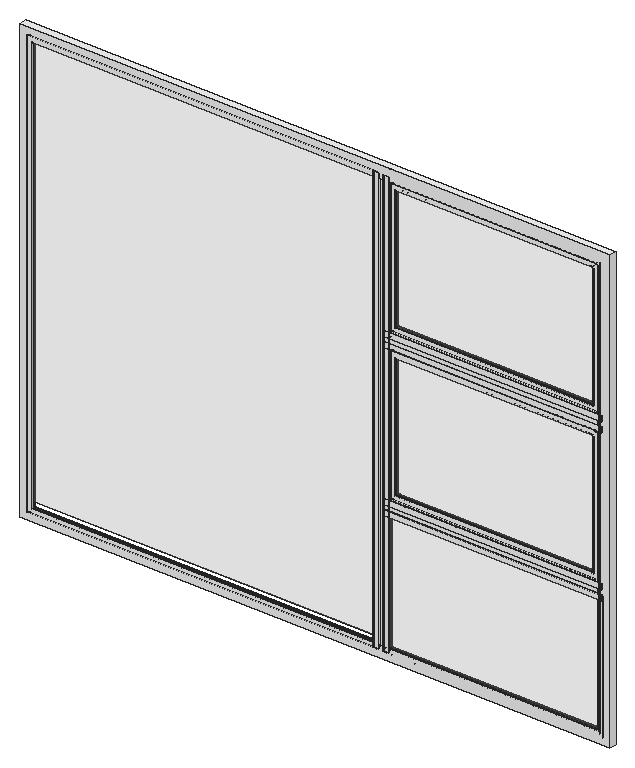
Revit family
Parameters (values of type "TH-PTT2418")
  Height = 1790 mm
  Head Height = 2125 mm
  Default Sill Height = Head Height - Height  # 335 mm
  Wall Closure = (empty or 0)
  Width = 2390 mm
Types (7, lengths in mm): name | Height | Default Sill Height | Width
  (no name) | 1790 | 335 | 2390
  TH-PTT2415 | 1490 | 635 | 2390
  TH-PTT1815 | 1490 | 635 | 1790
  TH-PTT2115 | 1490 | 635 | 2090
  TH-PTT2418 | 1790 | 335 | 2390
  TH-PTT2118 | 1790 | 335 | 2090
  TH-PTT1818 | 1790 | 335 | 1790
Reference planes
  plane 1 "Center (Front/Back)": y = 0
  plane 2 "Center (Left/Right)": x = 0
  plane 3 "Left": x = -1195
  plane 4 "Right": x = 1195
  plane 5 "Sill": z = 335
  plane 6 "Head": z = 2125
  plane 7 "Exterior": y = 100
  plane 8 "Interior": y = -100
  plane 9: y = -30.5
  plane 10: x = 300
  plane 11: z = 1530
  plane 12: z = 968.16
Forms (mm)
  Sweep 1, solid, material "Default Frame"
    path origin (0, 100, 0) x (1, 0, 0) y (0, 0, 1)
      loop
        line (1195, 2125) -> (-1195, 2125) -> (-1195, 335) -> (1195, 335) -> (1195, 2125)
    profile origin (0, 100, 2125) x (0, 0, -1) y (0, -1, 0)
      loop
        line (0, 115.25) -> (0, 84.75) -> (30.58, 84.75) -> (30.58, 87.464) -> (28.08, 86.021) -> (28.08, 113.85) -> (39.575, 113.85) -> (39.575, 111.85) -> (46.275, 111.85)
        arc (46.275, 111.85) -> (46.875, 111.25) -> (47.475, 111.85) r 0.6
        line (47.475, 111.85) -> (47.475, 115.25) -> (0, 115.25)
  Extrusion 2, solid, material "Glass"
    sketch origin (-67.308, -3.5, 0) x (1, 0, 0) y (0, 0, 1)
      loop
        line (318.588, 2091.8) -> (-1094.452, 2091.8) -> (-1094.452, 401.4) -> (318.588, 401.4) -> (318.588, 2091.8)
    from 0 to 3
  Sweep 3, solid, material "Default Frame"
    path origin (-95.36, -108, -50) x (1, 0, 0) y (0, 0, -1)
      loop
        line (375.24, -2170.4) -> (375.24, -389.6) -> (-1095, -389.6) -> (-1095, -2170.4) -> (375.24, -2170.4)
    profile origin (-455.24, -108, 2120.4) x (0, 0, 1) y (0, 1, 0)
      loop
        line (-25.08, 99.735) -> (-24.578, 94.997)
        arc (-24.578, 94.997) -> (-24.261, 94.736) -> (-23.98, 95.035) r 0.3
        line (-23.98, 95.035) -> (-23.98, 121.263) -> (-25.98, 120.536) -> (-25.98, 122.735) -> (-27.439, 122.735) -> (-40.407, 109.637) -> (-40.407, 108.637) -> (-28.6, 108.637) -> (-28.6, 109.637) -> (-25.08, 109.637) -> (-25.08, 99.735)
  Sweep 4, solid, material "Rubber seal"
    path origin (-95.36, -108, -50) x (1, 0, 0) y (0, 0, -1)
      loop
        line (375.24, -2170.4) -> (375.24, -389.6) -> (-1095, -389.6) -> (-1095, -2170.4) -> (375.24, -2170.4)
    profile origin (-455.24, -108, 2120.4) x (0, 0, 1) y (0, 1, 0)
      loop
        line (-41.398, 108.637) -> (-45.535, 104.5) -> (-35.029, 104.5) -> (-35.029, 108.637) -> (-41.398, 108.637)
      loop
        line (-45.535, 101.5) -> (-42.255, 96.75) -> (-35.029, 96.75) -> (-35.029, 101.5) -> (-45.535, 101.5)
  Extrusion 5, solid, material "Glass"
    sketch origin (0, 0.5, 49.432) x (-1, 0, 0) y (0, 0, -1)
      loop
        line (-307.14, -2019.688) -> (-307.14, -1489.208) -> (-1139.12, -1489.208) -> (-1139.12, -2019.688) -> (-307.14, -2019.688)
    from 0 to 3
  Sweep 6, solid, material "Default Frame"
    path origin (50, -100, -50) x (-1, 0, 0) y (0, 0, 1)
      loop
        line (-251.26, 2125) -> (-1095, 2125) -> (-1095, 1582.76) -> (-251.26, 1582.76) -> (-251.26, 2125)
    profile origin (723.13, -100, 2075) x (0, 0, -1) y (0, 1, 0)
      loop
        line (2.36, 95.735) -> (2.36, 105.637) -> (5.88, 105.637) -> (5.88, 104.637) -> (17.687, 104.637) -> (17.687, 105.637) -> (4.719, 118.735) -> (3.26, 118.735) -> (3.26, 116.536) -> (1.26, 117.263) -> (1.26, 91.035)
        arc (1.26, 91.035) -> (1.541, 90.736) -> (1.858, 90.997) r 0.3
        line (1.858, 90.997) -> (2.36, 95.735)
  Sweep 7, solid, material "Default Frame"
    path origin (50, -100, -50) x (-1, 0, 0) y (0, 0, 1)
      loop
        line (-251.3, 2125) -> (-1095, 2125) -> (-1095, 1582.8) -> (-251.3, 1582.8) -> (-251.3, 2125)
    profile origin (723.15, -100, 2075) x (0, 0, -1) y (0, 1, 0)
      loop
        line (-10.425, 88.75) -> (20.155, 88.75) -> (20.155, 92.15)
        arc (20.155, 92.15) -> (19.555, 92.75) -> (18.955, 92.15) r 0.6
        line (18.955, 92.15) -> (12.255, 92.15) -> (12.255, 90.15) -> (0.76, 90.15) -> (0.76, 117.979) -> (3.26, 116.536) -> (3.26, 119.25) -> (-27.32, 119.25) -> (-27.32, 115.85)
        arc (-27.32, 115.85) -> (-26.72, 115.25) -> (-26.12, 115.85) r 0.6
        line (-26.12, 115.85) -> (-19.42, 115.85) -> (-19.42, 117.85) -> (-7.92, 117.85) -> (-7.92, 90.018) -> (-10.425, 91.464) -> (-10.425, 88.75)
  Sweep 8, solid, material "Rubber seal"
    path origin (50, -100, -50) x (-1, 0, 0) y (0, 0, 1)
      loop
        line (-251.26, 2125) -> (-1095, 2125) -> (-1095, 1582.76) -> (-251.26, 1582.76) -> (-251.26, 2125)
    profile origin (723.13, -100, 2075) x (0, 0, -1) y (0, 1, 0)
      loop
        line (18.698, 104.637) -> (12.329, 104.637) -> (12.329, 100.5) -> (22.835, 100.5) -> (18.698, 104.637)
      loop
        line (22.835, 97.5) -> (12.329, 97.5) -> (12.329, 92.75) -> (19.555, 92.75) -> (22.835, 97.5)
  Extrusion 9, solid, material "Glass"
    sketch origin (0, 0.5, -559.608) x (-1, 0, 0) y (0, 0, -1)
      loop
        line (-307.14, -2019.688) -> (-307.14, -1489.208) -> (-1139.12, -1489.208) -> (-1139.12, -2019.688) -> (-307.14, -2019.688)
    from 0 to 3
  Extrusion 10, solid, material "Glass"
    sketch origin (0, -3.505, -939.266) x (-1, 0, 0) y (0, 0, -1)
      loop
        line (-284.52, -1812.966) -> (-284.52, -1307.466) -> (-1161.8, -1307.466) -> (-1161.8, -1812.966) -> (-284.52, -1812.966)
    from 0 to 3
  Sweep 11, solid, material "Default Frame"
    path origin (71.04, -108.005, -978.24) x (-1, 0, 0) y (0, 0, 1)
      loop
        line (-163.84, 1901.58) -> (-1140.4, 1901.58) -> (-1140.4, 1296.8) -> (-163.84, 1296.8) -> (-163.84, 1901.58)
    profile origin (723.16, -108.005, 923.34) x (0, 0, -1) y (0, 1, 0)
      loop
        line (46.12, 99.74) -> (46.12, 109.642) -> (49.64, 109.642) -> (49.64, 108.642) -> (61.447, 108.642) -> (61.447, 109.642) -> (48.479, 122.74) -> (47.02, 122.74) -> (47.02, 120.541) -> (45.02, 121.269) -> (45.02, 95.04)
        arc (45.02, 95.04) -> (45.301, 94.741) -> (45.618, 95.003) r 0.3
        line (45.618, 95.003) -> (46.12, 99.74)
  Sweep 12, solid, material "Rubber seal"
    path origin (71.04, -108.01, -978.001) x (-1, 0, 0) y (0, 0, 1)
      loop
        line (-163.84, 1901.341) -> (-1140.4, 1901.341) -> (-1140.4, 1296.8) -> (-163.84, 1296.8) -> (-163.84, 1901.341)
    profile origin (723.16, -108.01, 923.34) x (0, 0, -1) y (0, 1, 0)
      loop
        line (62.141, 108.642) -> (55.771, 108.642) -> (55.771, 104.505) -> (66.278, 104.505) -> (62.141, 108.642)
      loop
        line (66.278, 101.505) -> (55.771, 101.505) -> (55.771, 96.755) -> (62.998, 96.755) -> (66.278, 101.505)
  Sweep 13, solid, material "Default Frame"
    path origin (10.487, 100, -612.47) x (1, 0, 0) y (0, 0, 1)
      loop
        line (1153.933, 2136.85) -> (271.393, 2136.85)
    profile origin (723.15, 100, 1524.38) x (0, 0, -1) y (0, -1, 0)
      loop
        line (-5.9, 115.25) -> (-5.9, 111.85)
        arc (-5.9, 111.85) -> (-5.3, 111.25) -> (-4.7, 111.85) r 0.6
        line (-4.7, 111.85) -> (2, 111.85) -> (2, 113.85) -> (13.5, 113.85) -> (13.5, 86.026) -> (11, 87.47) -> (11, 84.75) -> (39, 84.75) -> (39, 87.47) -> (36.5, 86.026) -> (36.5, 113.85) -> (48, 113.85) -> (48, 111.85) -> (54.7, 111.85)
        arc (54.7, 111.85) -> (55.3, 111.25) -> (55.9, 111.85) r 0.6
        line (55.9, 111.85) -> (55.9, 115.25) -> (34.5, 115.25) -> (34.5, 111.07) -> (15.5, 111.07) -> (15.5, 115.25) -> (-5.9, 115.25)
  Sweep 14, solid, material "Default Frame"
    path origin (-2030.62, 100, 1819.513) x (0, 0, -1) y (1, 0, 0)
      loop
        line (1453.933, 2325) -> (-274.907, 2325)
    profile origin (294.38, 100, 1230) x (-1, 0, 0) y (0, -1, 0)
      loop
        line (-4.4, 115.25) -> (-4.4, 111.85)
        arc (-4.4, 111.85) -> (-3.8, 111.25) -> (-3.2, 111.85) r 0.6
        line (-3.2, 111.85) -> (3.5, 111.85) -> (3.5, 113.85) -> (15, 113.85) -> (15, 86.026) -> (12.5, 87.47) -> (12.5, 84.75) -> (40.5, 84.75) -> (40.5, 87.47) -> (38, 86.026) -> (38, 113.85) -> (49.5, 113.85) -> (49.5, 111.85) -> (56.2, 111.85)
        arc (56.2, 111.85) -> (56.8, 111.25) -> (57.4, 111.85) r 0.6
        line (57.4, 111.85) -> (57.4, 115.25) -> (36, 115.25) -> (36, 111.07) -> (17, 111.07) -> (17, 115.25) -> (-4.4, 115.25)
  Sweep 15, solid, material "Default Frame"
    path origin (50, -100, -659.04) x (-1, 0, 0) y (0, 0, 1)
      loop
        line (-251.26, 2125) -> (-1095, 2125) -> (-1095, 1582.76) -> (-251.26, 1582.76) -> (-251.26, 2125)
    profile origin (723.13, -100, 1465.96) x (0, 0, -1) y (0, 1, 0)
      loop
        line (2.36, 95.735) -> (2.36, 105.637) -> (5.88, 105.637) -> (5.88, 104.637) -> (17.687, 104.637) -> (17.687, 105.637) -> (4.719, 118.735) -> (3.26, 118.735) -> (3.26, 116.536) -> (1.26, 117.263) -> (1.26, 91.035)
        arc (1.26, 91.035) -> (1.541, 90.736) -> (1.858, 90.997) r 0.3
        line (1.858, 90.997) -> (2.36, 95.735)
  Sweep 16, solid, material "Default Frame"
    path origin (50, -100, -659.04) x (-1, 0, 0) y (0, 0, 1)
      loop
        line (-251.3, 2125) -> (-1095, 2125) -> (-1095, 1582.8) -> (-251.3, 1582.8) -> (-251.3, 2125)
    profile origin (723.15, -100, 1465.96) x (0, 0, -1) y (0, 1, 0)
      loop
        line (-10.425, 88.75) -> (20.155, 88.75) -> (20.155, 92.15)
        arc (20.155, 92.15) -> (19.555, 92.75) -> (18.955, 92.15) r 0.6
        line (18.955, 92.15) -> (12.255, 92.15) -> (12.255, 90.15) -> (0.76, 90.15) -> (0.76, 117.979) -> (3.26, 116.536) -> (3.26, 119.25) -> (-27.32, 119.25) -> (-27.32, 115.85)
        arc (-27.32, 115.85) -> (-26.72, 115.25) -> (-26.12, 115.85) r 0.6
        line (-26.12, 115.85) -> (-19.42, 115.85) -> (-19.42, 117.85) -> (-7.92, 117.85) -> (-7.92, 90.018) -> (-10.425, 91.464) -> (-10.425, 88.75)
  Sweep 17, solid, material "Rubber seal"
    path origin (50, -100, -659.04) x (-1, 0, 0) y (0, 0, 1)
      loop
        line (-251.26, 2125) -> (-1095, 2125) -> (-1095, 1582.76) -> (-251.26, 1582.76) -> (-251.26, 2125)
    profile origin (723.13, -100, 1465.96) x (0, 0, -1) y (0, 1, 0)
      loop
        line (18.698, 104.637) -> (12.329, 104.637) -> (12.329, 100.5) -> (22.835, 100.5) -> (18.698, 104.637)
      loop
        line (22.835, 97.5) -> (12.329, 97.5) -> (12.329, 92.75) -> (19.555, 92.75) -> (22.835, 97.5)
  Sweep 18, solid, material "Default Frame"
    path origin (10.487, 100, -1221.51) x (1, 0, 0) y (0, 0, 1)
      loop
        line (1153.933, 2136.85) -> (271.393, 2136.85)
    profile origin (723.15, 100, 915.34) x (0, 0, -1) y (0, -1, 0)
      loop
        line (-5.9, 115.25) -> (-5.9, 111.85)
        arc (-5.9, 111.85) -> (-5.3, 111.25) -> (-4.7, 111.85) r 0.6
        line (-4.7, 111.85) -> (2, 111.85) -> (2, 113.85) -> (13.5, 113.85) -> (13.5, 86.026) -> (11, 87.47) -> (11, 84.75) -> (39, 84.75) -> (39, 87.47) -> (36.5, 86.026) -> (36.5, 113.85) -> (48, 113.85) -> (48, 111.85) -> (54.7, 111.85)
        arc (54.7, 111.85) -> (55.3, 111.25) -> (55.9, 111.85) r 0.6
        line (55.9, 111.85) -> (55.9, 115.25) -> (34.5, 115.25) -> (34.5, 111.07) -> (15.5, 111.07) -> (15.5, 115.25) -> (-5.9, 115.25)
Lines and regions (mm)
  Opening 1
    outline origin (3500, -100, 0) x (1, 0, 0) y (0, 0, 1)
      loop
        line (-2305, 335) -> (-2305, 2125) -> (-4695, 2125) -> (-4695, 335) -> (-2305, 335)
  symbolic lines, style "Elevation Swing"
    curve 1: line (273.98, 38.5, 2102.32) -> (723.15, 38.5, 1505.48)
    curve 2: line (723.15, 38.5, 1505.48) -> (1172.32, 38.5, 2102.32)
    curve 3: line (273.98, 38.5, 1493.28) -> (723.15, 38.5, 896.44)
    curve 4: line (723.15, 38.5, 896.44) -> (1172.32, 38.5, 1493.28)
Text (mm)
  text "EXTERIOR" at (-1963.203, 1332.353, 0), in view "Ref. Level"
  text "INTERIOR" at (-1981.466, -818.386, 0), in view "Ref. Level"
  text "Exterior" at (0, 923.751, 2943.296), in view "Right"
  text "Exterior" at (0, 1040.484, 2685.409), in view "Left"
Dimensions and locks
  equal spacing: plane 3 "Left", plane 2 "Center (Left/Right)", plane 4 "Right"
  "Width": plane 3 "Left" to plane 4 "Right"
  "Height": plane 5 "Sill" to plane 6 "Head"
  "Default Sill Height": plane 5 "Sill" to level
  locked: plane 7 "Exterior" to host wall at 0
  locked: plane 8 "Interior" to host wall
  locked: Sweep 3 sketch curve to Sweep 1 at 4.6
  locked: Sweep 1 to Sweep 3 sketch curve at 4.6
  locked: Sweep 4 sketch curve to Sweep 1 at 4.6
  locked: Sweep 1 to Sweep 4 sketch curve at 4.6
  plane 10 to plane 4 "Right" = 895 mm
  locked: Sweep 3 sketch curve to Sweep 1 at 4.64
  Extrusion 2 to plane 10 = 48.72 mm
  plane 11 to Extrusion 5 = 8.64 mm
  plane 11 to Extrusion 9 = 69.92 mm
  Extrusion 9 to plane 12 = 38.56 mm
  Sweep 11 sketch curve to Sweep 1 = 16.44 mm
  Sweep 12 sketch curve to Sweep 1 = 16.44 mm
  plane 12 to Extrusion 10 = 94.46 mm
  plane 10 to Extrusion 5 = 7.14 mm
  Extrusion 10 to plane 10 = 15.48 mm
  Sweep 8 sketch curve to Sweep 7 = 3.3 mm
  locked: Sweep 6 sketch curve to Sweep 7 at 3.3
  Sweep 7 to Sweep 8 sketch curve = 3.3 mm
  Sweep 7 to Sweep 6 sketch curve = 3.3 mm
  Sweep 14 to Sweep 4 sketch curve = 26 mm
  Sweep 14 to Sweep 3 sketch curve = 26 mm
  Sweep 17 sketch curve to Sweep 16 = 3.3 mm
  locked: Sweep 15 sketch curve to Sweep 16 at 3.3
  Sweep 16 to Sweep 17 sketch curve = 3.3 mm
  Sweep 16 to Sweep 15 sketch curve = 3.3 mm
  Sweep 18 to Sweep 11 sketch curve = 47 mm
  Sweep 14 to Sweep 11 sketch curve = 47 mm
  Sweep 18 to Sweep 12 sketch curve = 47 mm
  Sweep 14 to Sweep 12 sketch curve = 47 mm
  aligned: Sweep 3 to Extrusion 2
Automatic sketch dimensions
  Opening 1 sketch curve to plane 3 "Left" = 0 mm
  Opening 1 sketch curve to plane 4 "Right" = 0 mm
  Opening 1 sketch curve to plane 5 "Sill" = 0 mm
  Opening 1 sketch curve to plane 6 "Head" = 0 mm
  Sweep 1 sketch curve to plane 3 "Left" = 0 mm
  Sweep 1 sketch curve to plane 4 "Right" = 0 mm
  Sweep 1 sketch curve to plane 5 "Sill" = 0 mm
  Sweep 1 sketch curve to plane 6 "Head" = 0 mm
  Sweep 1 sketch curve to profile plane = 0 mm
  Sweep 1 sketch curve to profile plane = 28.08 mm
  Sweep 1 sketch curve to Sweep 1 sketch curve = 2.5 mm
  Sweep 1 sketch curve to Sweep 1 sketch curve = 11.495 mm
  Sweep 1 sketch curve to Sweep 1 sketch curve = 6.7 mm
  Sweep 1 sketch curve to Sweep 1 sketch curve = 0.6 mm
  profile plane to Sweep 1 sketch curve = 84.75 mm
  Sweep 1 sketch curve to Sweep 1 sketch curve = 1.271 mm
  Sweep 1 sketch curve to Sweep 1 sketch curve = 2.714 mm
  Sweep 1 sketch curve to Sweep 1 sketch curve = 24.386 mm
  Sweep 1 sketch curve to Sweep 1 sketch curve = 2 mm
  Sweep 1 sketch curve to Sweep 1 sketch curve = 3.4 mm
  Extrusion 2 sketch curve to plane 3 "Left" = 33.24 mm
  Extrusion 2 sketch curve to plane 10 = 48.72 mm
  Extrusion 2 sketch curve to plane 5 "Sill" = 66.4 mm
  plane 6 "Head" to Extrusion 2 sketch curve = 33.2 mm
  profile plane to Sweep 3 sketch curve = 40.407 mm
  Sweep 3 sketch curve to Sweep 3 sketch curve = 11.806 mm
  Sweep 3 sketch curve to Sweep 3 sketch curve = 1.161 mm
  Sweep 3 sketch curve to Sweep 3 sketch curve = 1.459 mm
  Sweep 3 sketch curve to Sweep 3 sketch curve = 3.52 mm
  Sweep 3 sketch curve to Sweep 3 sketch curve = 0.502 mm
  Sweep 3 sketch curve to Sweep 3 sketch curve = 0.298 mm
  Sweep 3 sketch curve to Sweep 3 sketch curve = 0.3 mm
  profile plane to Sweep 3 sketch curve = 94.997 mm
  Sweep 3 sketch curve to Sweep 3 sketch curve = 4.738 mm
  Sweep 3 sketch curve to Sweep 3 sketch curve = 8.902 mm
  Sweep 3 sketch curve to Sweep 3 sketch curve = 1 mm  (x2)
  Sweep 3 sketch curve to Sweep 3 sketch curve = 10.899 mm
  Sweep 3 sketch curve to Sweep 3 sketch curve = 0.728 mm
  Sweep 3 sketch curve to Sweep 3 sketch curve = 2.2 mm
  Sweep 4 sketch curve to plane 3 "Left" = 4.64 mm
  profile plane to Sweep 4 sketch curve = 45.535 mm
  Sweep 4 sketch curve to Sweep 4 sketch curve = 0 mm
  Sweep 4 sketch curve to Sweep 4 sketch curve = 3.28 mm
  Sweep 4 sketch curve to Sweep 4 sketch curve = 4.137 mm  (x2)
  Sweep 4 sketch curve to Sweep 4 sketch curve = 6.37 mm
  Sweep 4 sketch curve to Sweep 4 sketch curve = 7.226 mm
  profile plane to Sweep 4 sketch curve = 96.75 mm
  Sweep 4 sketch curve to Sweep 4 sketch curve = 4.75 mm
  Sweep 4 sketch curve to Sweep 4 sketch curve = 3 mm
  plane 4 "Right" to Extrusion 5 sketch curve = 55.88 mm
  plane 10 to Extrusion 5 sketch curve = 7.14 mm
  plane 6 "Head" to Extrusion 5 sketch curve = 55.88 mm
  plane 11 to Extrusion 5 sketch curve = 8.64 mm
  plane 4 "Right" to Sweep 6 sketch curve = 50 mm
  plane 10 to Sweep 6 sketch curve = 1.26 mm
  plane 6 "Head" to Sweep 6 sketch curve = 50 mm
  Sweep 6 sketch curve to profile plane = 1.26 mm
  Sweep 6 sketch curve to Sweep 6 sketch curve = 0.3 mm
  Sweep 6 sketch curve to Sweep 6 sketch curve = 0.298 mm
  Sweep 6 sketch curve to profile plane = 2.36 mm
  Sweep 6 sketch curve to Sweep 6 sketch curve = 2 mm
  Sweep 6 sketch curve to Sweep 6 sketch curve = 1.459 mm
  Sweep 6 sketch curve to Sweep 6 sketch curve = 3.52 mm
  Sweep 6 sketch curve to Sweep 6 sketch curve = 11.806 mm
  profile plane to Sweep 6 sketch curve = 90.997 mm
  Sweep 6 sketch curve to Sweep 6 sketch curve = 4.738 mm
  Sweep 6 sketch curve to Sweep 6 sketch curve = 8.902 mm
  Sweep 6 sketch curve to Sweep 6 sketch curve = 1 mm  (x2)
  Sweep 6 sketch curve to Sweep 6 sketch curve = 10.899 mm
  Sweep 6 sketch curve to Sweep 6 sketch curve = 0.728 mm
  Sweep 6 sketch curve to Sweep 6 sketch curve = 2.2 mm
  plane 4 "Right" to Sweep 7 sketch curve = 50 mm
  plane 10 to Sweep 7 sketch curve = 1.3 mm
  plane 11 to Sweep 7 sketch curve = 2.8 mm
  plane 6 "Head" to Sweep 7 sketch curve = 50 mm
  profile plane to Sweep 7 sketch curve = 27.32 mm
  Sweep 7 sketch curve to Sweep 7 sketch curve = 0.6 mm  (x2)
  Sweep 7 sketch curve to Sweep 7 sketch curve = 6.7 mm  (x2)
  profile plane to Sweep 7 sketch curve = 10.425 mm
  Sweep 7 sketch curve to Sweep 7 sketch curve = 2.505 mm
  Sweep 7 sketch curve to profile plane = 0.76 mm
  Sweep 7 sketch curve to Sweep 7 sketch curve = 2.5 mm
  Sweep 7 sketch curve to Sweep 7 sketch curve = 11.495 mm
  profile plane to Sweep 7 sketch curve = 88.75 mm
  Sweep 7 sketch curve to Sweep 7 sketch curve = 1.268 mm
  Sweep 7 sketch curve to Sweep 7 sketch curve = 1.4 mm
  Sweep 7 sketch curve to Sweep 7 sketch curve = 2.714 mm  (x2)
  Sweep 7 sketch curve to Sweep 7 sketch curve = 3.4 mm
  Sweep 7 sketch curve to Sweep 7 sketch curve = 24.386 mm
  Sweep 7 sketch curve to Sweep 7 sketch curve = 0.686 mm
  Sweep 7 sketch curve to Sweep 7 sketch curve = 2 mm
  Sweep 7 sketch curve to Sweep 7 sketch curve = 1.443 mm
  plane 11 to Sweep 8 sketch curve = 2.76 mm
  plane 4 "Right" to Sweep 8 sketch curve = 50 mm
  plane 6 "Head" to Sweep 8 sketch curve = 50 mm
  Sweep 8 sketch curve to profile plane = 12.329 mm
  Sweep 8 sketch curve to Sweep 8 sketch curve = 0 mm  (x2)
  Sweep 8 sketch curve to Sweep 8 sketch curve = 6.37 mm
  Sweep 8 sketch curve to Sweep 8 sketch curve = 7.226 mm
  Sweep 8 sketch curve to Sweep 8 sketch curve = 4.137 mm  (x2)
  profile plane to Sweep 8 sketch curve = 92.75 mm
  Sweep 8 sketch curve to Sweep 8 sketch curve = 4.75 mm
  Sweep 8 sketch curve to Sweep 8 sketch curve = 3 mm
  plane 4 "Right" to Extrusion 9 sketch curve = 55.88 mm
  plane 10 to Extrusion 9 sketch curve = 7.14 mm
  Extrusion 9 sketch curve to plane 11 = 69.92 mm
  Extrusion 9 sketch curve to plane 12 = 38.56 mm
  plane 4 "Right" to Extrusion 10 sketch curve = 33.2 mm
  Extrusion 10 sketch curve to plane 10 = 15.48 mm
  Extrusion 10 sketch curve to plane 12 = 94.46 mm
  Extrusion 10 sketch curve to plane 5 "Sill" = 33.2 mm
  plane 5 "Sill" to Sweep 11 sketch curve = 16.44 mm
  Sweep 11 sketch curve to profile plane = 45.02 mm
  Sweep 11 sketch curve to Sweep 11 sketch curve = 0.3 mm
  Sweep 11 sketch curve to Sweep 11 sketch curve = 0.298 mm
  Sweep 11 sketch curve to Sweep 11 sketch curve = 0.502 mm
  Sweep 11 sketch curve to Sweep 11 sketch curve = 2 mm
  Sweep 11 sketch curve to Sweep 11 sketch curve = 1.459 mm
  Sweep 11 sketch curve to Sweep 11 sketch curve = 3.52 mm
  Sweep 11 sketch curve to Sweep 11 sketch curve = 11.806 mm
  profile plane to Sweep 11 sketch curve = 95.003 mm
  Sweep 11 sketch curve to Sweep 11 sketch curve = 4.738 mm
  Sweep 11 sketch curve to Sweep 11 sketch curve = 8.902 mm
  Sweep 11 sketch curve to Sweep 11 sketch curve = 1 mm  (x2)
  Sweep 11 sketch curve to Sweep 11 sketch curve = 10.899 mm
  Sweep 11 sketch curve to Sweep 11 sketch curve = 0.728 mm
  Sweep 11 sketch curve to Sweep 11 sketch curve = 2.2 mm
  plane 5 "Sill" to Sweep 12 sketch curve = 16.201 mm
  Sweep 12 sketch curve to profile plane = 55.771 mm
  Sweep 12 sketch curve to Sweep 12 sketch curve = 0 mm  (x2)
  Sweep 12 sketch curve to Sweep 12 sketch curve = 6.37 mm
  Sweep 12 sketch curve to Sweep 12 sketch curve = 7.226 mm
  Sweep 12 sketch curve to Sweep 12 sketch curve = 4.137 mm  (x2)
  profile plane to Sweep 12 sketch curve = 96.755 mm
  Sweep 12 sketch curve to Sweep 12 sketch curve = 4.75 mm
  Sweep 12 sketch curve to Sweep 12 sketch curve = 3 mm
  Sweep 13 sketch curve to plane 11 = 5.62 mm
  Sweep 13 sketch curve to plane 10 = 18.12 mm
  plane 4 "Right" to Sweep 13 sketch curve = 30.58 mm
  profile plane to Sweep 13 sketch curve = 5.9 mm
  Sweep 13 sketch curve to Sweep 13 sketch curve = 0.6 mm  (x2)
  Sweep 13 sketch curve to profile plane = 2 mm
  Sweep 13 sketch curve to profile plane = 11 mm
  Sweep 13 sketch curve to Sweep 13 sketch curve = 2.5 mm  (x2)
  Sweep 13 sketch curve to Sweep 13 sketch curve = 2 mm  (x4)
  Sweep 13 sketch curve to Sweep 13 sketch curve = 19 mm
  Sweep 13 sketch curve to Sweep 13 sketch curve = 11.5 mm
  Sweep 13 sketch curve to Sweep 13 sketch curve = 6.7 mm
  profile plane to Sweep 13 sketch curve = 84.75 mm
  Sweep 13 sketch curve to Sweep 13 sketch curve = 1.276 mm  (x2)
  Sweep 13 sketch curve to Sweep 13 sketch curve = 2.72 mm  (x2)
  Sweep 13 sketch curve to Sweep 13 sketch curve = 23.6 mm
  Sweep 13 sketch curve to Sweep 13 sketch curve = 0.78 mm  (x2)
  Sweep 13 sketch curve to Sweep 13 sketch curve = 3.4 mm  (x2)
  Sweep 14 sketch curve to plane 10 = 5.62 mm
  plane 6 "Head" to Sweep 14 sketch curve = 30.58 mm
  Sweep 14 sketch curve to plane 5 "Sill" = 30.58 mm
  profile plane to Sweep 14 sketch curve = 4.4 mm
  Sweep 14 sketch curve to Sweep 14 sketch curve = 0.6 mm  (x2)
  Sweep 14 sketch curve to profile plane = 3.5 mm
  Sweep 14 sketch curve to profile plane = 12.5 mm
  Sweep 14 sketch curve to Sweep 14 sketch curve = 2.5 mm  (x2)
  Sweep 14 sketch curve to Sweep 14 sketch curve = 2 mm  (x4)
  Sweep 14 sketch curve to Sweep 14 sketch curve = 19 mm
  Sweep 14 sketch curve to Sweep 14 sketch curve = 11.5 mm
  Sweep 14 sketch curve to Sweep 14 sketch curve = 6.7 mm
  profile plane to Sweep 14 sketch curve = 84.75 mm
  Sweep 14 sketch curve to Sweep 14 sketch curve = 1.276 mm  (x2)
  Sweep 14 sketch curve to Sweep 14 sketch curve = 2.72 mm  (x2)
  Sweep 14 sketch curve to Sweep 14 sketch curve = 23.6 mm
  Sweep 14 sketch curve to Sweep 14 sketch curve = 0.78 mm  (x2)
  Sweep 14 sketch curve to Sweep 14 sketch curve = 3.4 mm  (x2)
  plane 4 "Right" to Sweep 15 sketch curve = 50 mm
  plane 10 to Sweep 15 sketch curve = 1.26 mm
  Sweep 15 sketch curve to plane 11 = 64.04 mm
  Sweep 15 sketch curve to profile plane = 1.26 mm
  Sweep 15 sketch curve to Sweep 15 sketch curve = 0.3 mm
  Sweep 15 sketch curve to Sweep 15 sketch curve = 0.298 mm
  Sweep 15 sketch curve to profile plane = 2.36 mm
  Sweep 15 sketch curve to Sweep 15 sketch curve = 2 mm
  Sweep 15 sketch curve to Sweep 15 sketch curve = 1.459 mm
  Sweep 15 sketch curve to Sweep 15 sketch curve = 3.52 mm
  Sweep 15 sketch curve to Sweep 15 sketch curve = 11.806 mm
  profile plane to Sweep 15 sketch curve = 90.997 mm
  Sweep 15 sketch curve to Sweep 15 sketch curve = 4.738 mm
  Sweep 15 sketch curve to Sweep 15 sketch curve = 8.902 mm
  Sweep 15 sketch curve to Sweep 15 sketch curve = 1 mm  (x2)
  Sweep 15 sketch curve to Sweep 15 sketch curve = 10.899 mm
  Sweep 15 sketch curve to Sweep 15 sketch curve = 0.728 mm
  Sweep 15 sketch curve to Sweep 15 sketch curve = 2.2 mm
  plane 4 "Right" to Sweep 16 sketch curve = 50 mm
  plane 10 to Sweep 16 sketch curve = 1.3 mm
  Sweep 16 sketch curve to plane 12 = 44.4 mm
  Sweep 16 sketch curve to plane 11 = 64.04 mm
  profile plane to Sweep 16 sketch curve = 27.32 mm
  Sweep 16 sketch curve to Sweep 16 sketch curve = 0.6 mm  (x2)
  Sweep 16 sketch curve to Sweep 16 sketch curve = 6.7 mm  (x2)
  profile plane to Sweep 16 sketch curve = 10.425 mm
  Sweep 16 sketch curve to Sweep 16 sketch curve = 2.505 mm
  Sweep 16 sketch curve to profile plane = 0.76 mm
  Sweep 16 sketch curve to Sweep 16 sketch curve = 2.5 mm
  Sweep 16 sketch curve to Sweep 16 sketch curve = 11.495 mm
  profile plane to Sweep 16 sketch curve = 88.75 mm
  Sweep 16 sketch curve to Sweep 16 sketch curve = 1.268 mm
  Sweep 16 sketch curve to Sweep 16 sketch curve = 1.4 mm
  Sweep 16 sketch curve to Sweep 16 sketch curve = 2.714 mm  (x2)
  Sweep 16 sketch curve to Sweep 16 sketch curve = 3.4 mm
  Sweep 16 sketch curve to Sweep 16 sketch curve = 24.386 mm
  Sweep 16 sketch curve to Sweep 16 sketch curve = 0.686 mm
  Sweep 16 sketch curve to Sweep 16 sketch curve = 2 mm
  Sweep 16 sketch curve to Sweep 16 sketch curve = 1.443 mm
  plane 4 "Right" to Sweep 17 sketch curve = 50 mm
  Sweep 17 sketch curve to plane 12 = 44.44 mm
  Sweep 17 sketch curve to plane 11 = 64.04 mm
  Sweep 17 sketch curve to profile plane = 12.329 mm
  Sweep 17 sketch curve to Sweep 17 sketch curve = 0 mm  (x2)
  Sweep 17 sketch curve to Sweep 17 sketch curve = 6.37 mm
  Sweep 17 sketch curve to Sweep 17 sketch curve = 7.226 mm
  Sweep 17 sketch curve to Sweep 17 sketch curve = 4.137 mm  (x2)
  profile plane to Sweep 17 sketch curve = 92.75 mm
  Sweep 17 sketch curve to Sweep 17 sketch curve = 4.75 mm
  Sweep 17 sketch curve to Sweep 17 sketch curve = 3 mm
  Sweep 18 sketch curve to plane 10 = 18.12 mm
  plane 4 "Right" to Sweep 18 sketch curve = 30.58 mm
  Sweep 18 sketch curve to plane 12 = 52.82 mm
  profile plane to Sweep 18 sketch curve = 5.9 mm
  Sweep 18 sketch curve to Sweep 18 sketch curve = 0.6 mm  (x2)
  Sweep 18 sketch curve to profile plane = 2 mm
  Sweep 18 sketch curve to profile plane = 11 mm
  Sweep 18 sketch curve to Sweep 18 sketch curve = 2.5 mm  (x2)
  Sweep 18 sketch curve to Sweep 18 sketch curve = 2 mm  (x4)
  Sweep 18 sketch curve to Sweep 18 sketch curve = 19 mm
  Sweep 18 sketch curve to Sweep 18 sketch curve = 11.5 mm
  Sweep 18 sketch curve to Sweep 18 sketch curve = 6.7 mm
  profile plane to Sweep 18 sketch curve = 84.75 mm
  Sweep 18 sketch curve to Sweep 18 sketch curve = 1.276 mm  (x2)
  Sweep 18 sketch curve to Sweep 18 sketch curve = 2.72 mm  (x2)
  Sweep 18 sketch curve to Sweep 18 sketch curve = 23.6 mm
  Sweep 18 sketch curve to Sweep 18 sketch curve = 0.78 mm  (x2)
  Sweep 18 sketch curve to Sweep 18 sketch curve = 3.4 mm  (x2)
  plane 4 "Right" to curve 2 = 22.68 mm
  plane 4 "Right" to curve 4 = 22.68 mm
  curve 2 to plane 11 = 24.52 mm
  plane 10 to curve 2 = 423.15 mm
  curve 4 to plane 12 = 71.72 mm
  plane 10 to curve 4 = 423.15 mm
  curve 3 to plane 10 = 26.02 mm
  curve 1 to plane 10 = 26.02 mm
  curve 3 to plane 11 = 36.72 mm
  curve 4 to plane 11 = 36.72 mm
  plane 6 "Head" to curve 2 = 22.68 mm
  plane 6 "Head" to curve 1 = 22.68 mm
